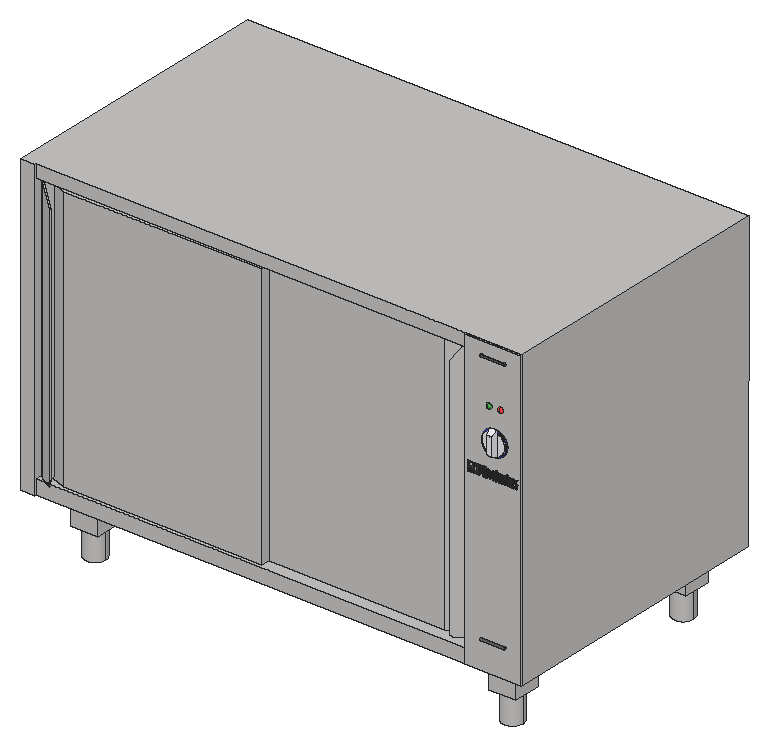
Revit family "QF_ELECTROLUXPROFESSIONAL_121906_TE2SE12", category Attrezzature speciali, Revit 2020
Family settings
  Quota connettore circolare = Usa diametro
  Tipo di parte = Normale
  Basato su piano di lavoro = No
  Sempre verticale = Sì
  Taglio con vuoti quando caricato = No
  Condiviso = No
  Punto di calcolo locali = No
Parameters (values of type "Standard")
  Weight = 83.00 kg
  Watts = 1600 W
  Volts = 230 V
  URL Manufacturer = "https://www.electroluxprofessional.com/"
  URL = "https://www.electroluxprofessional.com/"
  Steam Supply Size = 0 mm
  Steam Supply Minimum Pressure = 0.0 Pa
  Steam Supply Maximum Pressure = 0.0 Pa
  Steam Consumption per Hour = 0
  Refrigeration Suction Line Size = 0.0 mm
  Refrigeration Liquid Line Size = 0.0 mm
  Refrigerant Compressor Remote = yes
  Prospetto di default = 0.0 mm
  Phase = 1
  Modello = "TE2SE12"
  Produttore = "Electrolux Professional"
  Length Actual = 1200.0 mm  # constant formula
  Item Number = "121906"
  Hot Water Size = 0 mm
  Height Actual = 860.0 mm  # constant formula
  HP = "2.1 HP"
  Gas Size = 0 mm
  Gas KW = 0
  Gas Input Pressure = 0 W
  Direct Waste Size = 0 mm
  Descrizione = "HOT CUPBOARD WITH 2 SLIDING DOORS 1200MM"
  Depth Actual = 680.0 mm  # constant formula
  Cycle = 50 Hz
  Condensate Return Size = 0 mm
  Compressed Air Volume = 0.0 L/s
  Compressed Air Size = 0 mm
  Compressed Air Pressure = 0.0 Pa
  Cold Water Size = 0 mm
  Accessory = yes
Reference planes
  plane 1 "Center (Front/Back)": y = 0
  plane 2: z = 0
  plane 3 "Center (Left/Right)": x = -300
  plane 4 "LEFT": x = -900
  plane 5 "RIGHT": x = 300
  plane 6 "BACK": y = 340
  plane 7 "FRONT": y = -340
  plane 8 "Base": z = 860
  plane 9 "TOP": z = 900
  plane 10: x = -800
  plane 11: x = 200
  plane 12: y = 270
  plane 13: y = -240
  plane 14 "FEET": z = 150
  plane 15: x = -866
  plane 16: y = -337
  plane 17: y = 310
  plane 18: x = 166
  plane 19 "EIy": x = 268
  plane 20 "EIx": y = -90
Forms (mm)
  Extrusion 1, solid, material "QF_Finishes_Stainless Steel"
    sketch origin (0, 0, 150) x (-1, 0, 0) y (0, -1, 0)
      loop
        line (900, -340) -> (900, 340) -> (866, 340) -> (866, -340) -> (900, -340)
      loop
        line (-166, -340) -> (-166, 337) -> (-300, 337) -> (-300, -340) -> (-166, -340)
    from 0 to 710
  Extrusion 2, solid, material "QF_Finishes_Stainless Steel"
    sketch origin (0, 0, 150) x (-1, 0, 0) y (0, -1, 0)
      loop
        line (866, -310) -> (866, 337) -> (-166, 337) -> (-166, -310) -> (866, -310)
    from 0 to 35
  Extrusion 3, solid, material "QF_Finishes_Stainless Steel"
    sketch origin (0, 0, 0) x (1, 0, 0) y (0, 1, 0)
      loop
        line (-866, -337) -> (166, -337) -> (166, 340) -> (-866, 340) -> (-866, -337)
    from 830 to 860
  Extrusion 4, solid, material "QF_Finishes_Stainless Steel"
    sketch origin (0, 0, 150) x (-1, 0, 0) y (0, -1, 0)
      loop
        line (866, -340) -> (866, -310) -> (-166, -310) -> (-166, -340) -> (866, -340)
    from 680 to 0
  Extrusion 5, solid, material "QF_Finishes_Stainless Steel"
    sketch origin (0, -340, 0) x (-1, 0, 0) y (0, 0, 1)
      loop
        line (301, 185) -> (301, 187) -> (299, 187) -> (299, 185) -> (301, 185)
    from 45 to 43
  Extrusion 6, solid, material "QF_Finishes_Stainless Steel"
    sketch origin (0, 0, 150) x (-1, 0, 0) y (0, -1, 0)
      loop
        circle (-268, 90) r 10
    from 0 to -5
  Extrusion 7, solid, material "QF_Finishes_Stainless Steel"
    sketch origin (0, 0, 150) x (-1, 0, 0) y (0, -1, 0)
      loop
        line (376.5, 317) -> (-98, 317) -> (-133, 302) -> (-163, 302) -> (-163, 297) -> (376.5, 297) -> (376.5, 317)
    from 675 to 40
  Extrusion 8, solid, material "QF_Finishes_Stainless Steel"
    sketch origin (0, 0, 150) x (-1, 0, 0) y (0, -1, 0)
      loop
        line (-121, 331) -> (-149, 316) -> (-163, 302) -> (-160.172, 302) -> (-147.795, 314.377) -> (-120.056, 329.237) -> (-121, 331)
    from 675 to 40
  Extrusion 9, solid, material "QF_Finishes_Stainless Steel"
    sketch origin (0, 0, 150) x (-1, 0, 0) y (0, -1, 0)
      loop
        line (323.481, 337) -> (323.481, 317) -> (863, 317) -> (863, 322) -> (833, 322) -> (798, 337) -> (323.481, 337)
    from 675 to 40
  Extrusion 10, solid, material "QF_Finishes_Stainless Steel"
    sketch origin (0, 0, 150) x (-1, 0, 0) y (0, -1, 0)
      loop
        line (821, 351) -> (820.056, 349.237) -> (847.795, 334.377) -> (860.172, 322) -> (863, 322) -> (849, 336) -> (821, 351)
    from 675 to 40
  Extrusion 11, void
    sketch origin (-318.5, -342.5, 2438.308) x (-1, 0, 0) y (0, 0, 1)
      loop
        line (497, -1610) -> (497, -1661.75) -> (531.5, -1610) -> (497, -1610)
      loop
        line (501.556, -2245) -> (511.556, -2245)
        arc (511.556, -2245) -> (504.484, -2242.071) -> (501.556, -2235) r 10
        line (501.556, -2235) -> (501.556, -2245)
    from -13.118 to 9.689
  Extrusion 12, void
    sketch origin (-481.5, -342.5, 2430) x (1, 0, 0) y (0, 0, -1)
      loop
        line (597, 1605) -> (631.5, 1605) -> (597, 1656.75) -> (597, 1605)
      loop
        line (601.556, 2240) -> (601.556, 2230)
        arc (601.556, 2230) -> (604.484, 2237.071) -> (611.556, 2240) r 10
        line (611.556, 2240) -> (601.556, 2240)
    from 5.5 to 29.918
Cuts and joins
  joined: Extrusion 1, Extrusion 3, Extrusion 4
  Extrusion 11 cuts Extrusion 10
  Extrusion 12 cuts Extrusion 8
Lines and regions (mm)
  symbolic lines, style "SpecialityEquipmentHiddenLines"
    curve 1: line (300, 340, 900) -> (-900, 340, 900)
    curve 2: line (300, -340, 900) -> (300, 340, 900)
    curve 3: line (-900, -344.5, 150) -> (-900, 340, 150)
    curve 4: line (-900, -340, 150) -> (-866, -340, 150)
    curve 5: line (-866, -340, 150) -> (-866, -337, 150)
    curve 6: line (-866, -337, 150) -> (166, -337, 150)
    curve 7: line (166, -337, 150) -> (166, -340, 150)
    curve 8: line (166, -340, 150) -> (300, -340, 150)
    curve 9: line (168, -340, 1600) -> (168, -337, 1600)
    curve 11: line (-868, -337, 1600) -> (-868, -340, 1600)
    curve 12: line (166, -297, 200) -> (-376.5, -297, 200)
    curve 13: line (-376.5, -297, 200) -> (-376.5, -317, 200)
    curve 14: line (99, -317, 200) -> (-863, -317, 200)
    curve 18: line (-323.5, -317, 200) -> (-323.5, -337, 200)
    curve 19: line (98, -317, 1600) -> (133, -302, 1600)
    curve 20: line (133, -302, 1600) -> (163, -302, 1600)
    curve 21: line (163, -302, 1600) -> (163, -297, 1600)
    curve 22: line (120.958, -331.023, 1600) -> (148.999, -316.001, 1600)
    curve 23: line (148.999, -316.001, 1600) -> (163, -302, 1600)
    curve 24: line (160.172, -302, 1600) -> (147.795, -314.377, 1600)
    curve 25: line (147.795, -314.377, 1600) -> (119.992, -329.271, 1600)
    curve 26: line (119.992, -329.271, 1600) -> (120.958, -331.023, 1600)
    curve 27: line (-863, -317, 1600) -> (-863, -322, 1600)
    curve 28: line (-863, -322, 1600) -> (-849, -336, 1600)
    curve 29: line (-849, -336, 1600) -> (-847.133, -337, 1600)
    curve 30: line (-842.884, -337, 1600) -> (-847.955, -334.283, 1600)
    curve 31: line (-847.955, -334.283, 1600) -> (-860.239, -322, 1600)
    curve 32: line (-798, -337, 1600) -> (-833, -322, 1600)
    curve 33: line (-833, -322, 1600) -> (-863, -322, 1600)
  symbolic lines, style "SpecialityEquipment"
    curve 10: line (168, -337, 1600) -> (-868, -337, 1600)
    curve 15: line (-847.133, -337, 1600) -> (-820.985, -351.008, 1600)
    curve 16: line (-820.985, -351.008, 1600) -> (-820.038, -349.239, 1600)
    curve 17: line (-842.884, -337, 1600) -> (-820.038, -349.239, 1600)
Dimensions and locks
  plane 4 "LEFT" to plane 5 "RIGHT" = 1200.0 mm
  equal spacing: plane 4 "LEFT", plane 3 "Center (Left/Right)", plane 5 "RIGHT"
  plane 6 "BACK" to plane 7 "FRONT" = 680.0 mm
  equal spacing: plane 6 "BACK", plane 1 "Center (Front/Back)", plane 7 "FRONT"
  locked: plane 14 "FEET" to level at 150
  locked: plane 4 "LEFT" to plane 10 at 100
  locked: plane 11 to plane 5 "RIGHT" at 100
  locked: plane 4 "LEFT" to plane 15 at 34
  plane 16 to plane 7 "FRONT" = 3.0 mm
  plane 6 "BACK" to plane 17 = 30.0 mm
  locked: plane 6 "BACK" to plane 12 at 70
  locked: plane 13 to plane 7 "FRONT" at 100
  locked: plane 8 "Base" to level at 860
  locked: plane 9 "TOP" to level at 900
  locked: plane 18 to plane 5 "RIGHT" at 134
  locked: plane 19 "EIy" to plane 5 "RIGHT" at 32
  locked: plane 20 "EIx" to plane 7 "FRONT" at 250
  aligned and locked: level to plane 2
  aligned and locked: plane 10 to nested 1
  aligned and locked: plane 11 to nested 2
  aligned and locked: nested 4 to plane 12
  aligned and locked: plane 10 to nested 3
  aligned and locked: nested 3 to plane 12
  aligned and locked: plane 8 "Base" to Extrusion 1
  aligned and locked: plane 6 "BACK" to Extrusion 1 sketch curve
  aligned and locked: Extrusion 1 sketch curve to plane 6 "BACK"
  aligned and locked: Extrusion 1 sketch curve to plane 7 "FRONT"
  aligned and locked: plane 15 to Extrusion 1
  aligned and locked: Extrusion 2 to plane 15
  aligned and locked: plane 8 "Base" to Extrusion 3
  aligned and locked: Extrusion 2 to plane 16
  aligned and locked: Extrusion 2 to plane 17
  aligned and locked: Extrusion 3 to plane 16
  aligned and locked: plane 15 to Extrusion 4 sketch curve
  aligned and locked: Extrusion 4 sketch curve to plane 6 "BACK"
  aligned and locked: Extrusion 4 sketch curve to plane 17
  aligned and locked: Extrusion 4 to Extrusion 3
  aligned and locked: Extrusion 4 to plane 14 "FEET"
  aligned and locked: plane 6 "BACK" to Extrusion 3
  aligned and locked: nested 1 to plane 13
  aligned and locked: nested 2 to plane 13
  aligned and locked: plane 18 to Extrusion 3
  aligned and locked: Extrusion 2 sketch curve to plane 18
  aligned and locked: nested 4 to nested 2
Automatic sketch dimensions
  curve 2 to plane 5 "RIGHT" = 0.0 mm
  curve 2 to plane 7 "FRONT" = 0.0 mm
  curve 1 to plane 4 "LEFT" = 0.0 mm
  curve 1 to plane 6 "BACK" = 0.0 mm
  Extrusion 1 sketch curve to plane 5 "RIGHT" = 0.0 mm
  Extrusion 1 sketch curve to plane 16 = 0.0 mm
  Extrusion 1 sketch curve to plane 18 = 0.0 mm
  Extrusion 1 sketch curve to plane 15 = 0.0 mm
  Extrusion 1 sketch curve to plane 4 "LEFT" = 0.0 mm
  Extrusion 2 sketch curve to plane 15 = 0.0 mm
  plane 17 to Extrusion 2 sketch curve = 0.0 mm
  Extrusion 2 sketch curve to plane 16 = 0.0 mm
  curve 8 to plane 5 "RIGHT" = 0.0 mm
  curve 8 to plane 7 "FRONT" = 0.0 mm
  curve 8 to plane 18 = 0.0 mm
  curve 6 to plane 15 = 0.0 mm
  curve 3 to plane 4 "LEFT" = 0.0 mm
  curve 3 to plane 6 "BACK" = 0.0 mm
  curve 6 to plane 16 = 0.0 mm
  curve 4 to plane 7 "FRONT" = 0.0 mm
  curve 3 to plane 7 "FRONT" = 4.5 mm
  Extrusion 3 sketch curve to plane 6 "BACK" = 0.0 mm
  Extrusion 3 sketch curve to plane 15 = 0.0 mm
  Extrusion 3 sketch curve to plane 18 = 0.0 mm
  Extrusion 3 sketch curve to plane 16 = 0.0 mm
  Extrusion 4 sketch curve to plane 18 = 0.0 mm
  plane 3 "Center (Left/Right)" to Extrusion 5 sketch curve = 1.0 mm
  Extrusion 5 sketch curve to plane 3 "Center (Left/Right)" = 1.0 mm
  plane 14 "FEET" to Extrusion 5 sketch curve = 35.0 mm
  Extrusion 5 sketch curve to Extrusion 5 sketch curve = 2.0 mm
  Extrusion 6 sketch curve to plane 19 "EIy" = 0.0 mm
  Extrusion 6 sketch curve to plane 20 "EIx" = 0.0 mm
  Extrusion 7 sketch curve to plane 18 = 3.0 mm
  Extrusion 7 sketch curve to Extrusion 7 sketch curve = 30.0 mm
  Extrusion 7 sketch curve to Extrusion 7 sketch curve = 35.0 mm
  Extrusion 7 sketch curve to plane 3 "Center (Left/Right)" = 76.5 mm
  plane 16 to Extrusion 7 sketch curve = 40.0 mm
  Extrusion 7 sketch curve to Extrusion 7 sketch curve = 5.0 mm
  Extrusion 7 sketch curve to Extrusion 7 sketch curve = 20.0 mm
  Extrusion 8 sketch curve to plane 18 = 3.0 mm
  Extrusion 8 sketch curve to Extrusion 8 sketch curve = 2.828 mm
  Extrusion 8 sketch curve to plane 18 = 17.0 mm
  Extrusion 8 sketch curve to Extrusion 8 sketch curve = 1.205 mm
  plane 16 to Extrusion 8 sketch curve = 6.0 mm
  Extrusion 8 sketch curve to Extrusion 8 sketch curve = 26.795 mm
  plane 16 to Extrusion 8 sketch curve = 7.763 mm
  Extrusion 8 sketch curve to Extrusion 8 sketch curve = 0.944 mm
  Extrusion 8 sketch curve to Extrusion 8 sketch curve = 12.377 mm
  Extrusion 9 sketch curve to plane 16 = 0.0 mm
  Extrusion 9 sketch curve to plane 3 "Center (Left/Right)" = 23.481 mm
  plane 10 to Extrusion 9 sketch curve = 2.0 mm
  plane 16 to Extrusion 9 sketch curve = 15.0 mm
  Extrusion 9 sketch curve to plane 10 = 33.0 mm
  plane 15 to Extrusion 9 sketch curve = 3.0 mm
  Extrusion 9 sketch curve to Extrusion 9 sketch curve = 20.0 mm
  Extrusion 10 sketch curve to plane 10 = 20.056 mm
  Extrusion 10 sketch curve to plane 7 "FRONT" = 11.0 mm
  Extrusion 10 sketch curve to Extrusion 10 sketch curve = 0.944 mm
  plane 16 to Extrusion 10 sketch curve = 2.623 mm
  plane 15 to Extrusion 10 sketch curve = 18.205 mm
  plane 16 to Extrusion 10 sketch curve = 1.0 mm
  plane 15 to Extrusion 10 sketch curve = 5.828 mm
  Extrusion 10 sketch curve to Extrusion 10 sketch curve = 2.828 mm
  plane 16 to Extrusion 10 sketch curve = 15.0 mm
  curve 9 to plane 16 = 0.0 mm
  curve 9 to plane 7 "FRONT" = 0.0 mm
  curve 11 to plane 7 "FRONT" = 0.0 mm
  plane 18 to curve 9 = 2.0 mm
  curve 23 to plane 18 = 3.0 mm
  curve 23 to plane 18 = 17.001 mm
  curve 22 to curve 25 = 1.204 mm
  curve 24 to curve 19 = 14.795 mm
  plane 16 to curve 22 = 5.977 mm
  curve 19 to curve 22 = 12.042 mm
  plane 16 to curve 25 = 7.729 mm
  curve 22 to curve 25 = 0.966 mm
  curve 16 to plane 7 "FRONT" = 9.239 mm
  curve 16 to plane 10 = 20.038 mm
  curve 16 to plane 7 "FRONT" = 11.008 mm
  curve 16 to curve 16 = 0.948 mm
  curve 33 to curve 17 = 9.884 mm
  plane 16 to curve 30 = 2.717 mm
  curve 15 to curve 30 = 0.822 mm
  plane 16 to curve 29 = 1.0 mm
  curve 30 to curve 29 = 1.045 mm
  plane 15 to curve 33 = 3.0 mm
  curve 11 to plane 15 = 2.0 mm
  plane 16 to curve 33 = 15.0 mm
  plane 16 to curve 23 = 20.999 mm
  curve 25 to curve 22 = 1.624 mm
  curve 19 to curve 24 = 12.377 mm
  curve 20 to curve 24 = 2.828 mm
  plane 16 to curve 19 = 20.0 mm
  curve 25 to curve 19 = 21.992 mm
  plane 10 to curve 32 = 2.0 mm
  curve 30 to curve 17 = 0.0 mm
  curve 29 to curve 15 = 0.0 mm
  curve 31 to curve 27 = 2.761 mm
  curve 27 to curve 27 = 5.0 mm
  curve 21 to curve 20 = 5.0 mm
  curve 12 to plane 18 = 0.0 mm
  curve 18 to plane 16 = 0.0 mm
  curve 13 to plane 3 "Center (Left/Right)" = 76.5 mm
  plane 16 to curve 13 = 40.0 mm
  plane 16 to curve 14 = 20.0 mm
  curve 14 to plane 18 = 67.0 mm
  curve 18 to plane 3 "Center (Left/Right)" = 23.5 mm
  plane 15 to curve 14 = 3.0 mm
  Extrusion 11 sketch curve to plane 10 = 15.5 mm
  Extrusion 11 sketch curve to plane 10 = 20.056 mm
  Extrusion 11 sketch curve to Extrusion 11 sketch curve = 10.0 mm
  plane 15 to Extrusion 11 sketch curve = 16.0 mm
  plane 14 "FEET" to Extrusion 11 sketch curve = 43.308 mm
  Extrusion 11 sketch curve to plane 8 "Base" = 83.442 mm
  Extrusion 11 sketch curve to plane 8 "Base" = 31.692 mm
  Extrusion 12 sketch curve to plane 18 = 50.5 mm
  Extrusion 12 sketch curve to plane 18 = 45.944 mm
  Extrusion 12 sketch curve to Extrusion 12 sketch curve = 10.0 mm
  Extrusion 12 sketch curve to plane 18 = 16.0 mm
  Extrusion 12 sketch curve to plane 8 "Base" = 35.0 mm
  Extrusion 12 sketch curve to Extrusion 12 sketch curve = 51.75 mm
  plane 14 "FEET" to Extrusion 12 sketch curve = 50.0 mm
  radius of Extrusion 6 sketch curve = 10.0 mm
Nested families
  nested 1: "FEET_L65-150" at (-800, -240, 0), type "FEET_L65-150"
  nested 2: "FEET_L65-150" at (200, -240, 0), type "FEET_L65-150"
  nested 3: "FEET_L65-150" at (-800, 270, 0), type "FEET_L65-150"
  nested 4: "FEET_L65-150" at (200, 270, 0), type "FEET_L65-150"
  nested 5: "PANEL_ELX_HOTCUP_134" at (196.958, -337, 150) x (1, 0, 0) z (0, -1, 0), type "PANEL_ELX_HOTCUP_134"
    with Width 134.0 mm, Show Clearance yes
Connectors
  electrical at (268, -90, 145), driven by "Volts"
    settings: on Extrusion 6, index 1, voltage 230 V, apparent load 0 VA, apparent load phase1 0 VA, apparent load phase2 0 VA, apparent load phase3 0 VA, power factor 1, load classification "Other", number of poles 1, system type 30, power factor state 1, is connector primary yes, connector utility no, sub classification motor no, connector description "Electrical Connection"
Definition of nested family "FEET_L65-150"
  Parameters
    Default Elevation = 0.0 mm
    FEET = 150.0 mm
  Reference planes
    plane 1 "Center (Front/Back)": y = 0
    plane 2: z = 0
    plane 3 "Center (Left/Right)": x = 0
    plane 4: z = 150
  Forms (mm)
    Extrusion 1, solid
      sketch origin (0, 0, 0) x (1, 0, 0) y (0, 1, 0)
        loop
          circle (0, 0) r 25
      from 0 to 67
    Extrusion 2, solid
      sketch origin (0, 0, 0) x (1, 0, 0) y (0, 1, 0)
        loop
          line (32.561, 32.5) -> (-32.439, 32.5) -> (-32.439, -32.5) -> (32.561, -32.5) -> (32.561, 32.5)
      from 67 to 150 <- "FEET"
  Lines and regions (mm)
    symbolic lines
      curve 1: line (0, -1.503, 0) -> (0, 1.508, 0)
      curve 2: line (1.561, 0, 0) -> (-1.439, 0, 0)
  Dimensions and locks
    "FEET": plane 4 to plane 2
    aligned and locked: level to plane 2
  Automatic sketch dimensions
    plane 1 "Center (Front/Back)" to Extrusion 1 sketch curve = 0.0 mm
    Extrusion 1 sketch curve to plane 3 "Center (Left/Right)" = 0.0 mm
    plane 1 "Center (Front/Back)" to curve 2 = 0.0 mm
    curve 1 to plane 3 "Center (Left/Right)" = 0.0 mm
    curve 2 to plane 3 "Center (Left/Right)" = 1.439 mm
    plane 3 "Center (Left/Right)" to curve 2 = 1.561 mm
    plane 1 "Center (Front/Back)" to curve 1 = 1.503 mm
    curve 1 to plane 1 "Center (Front/Back)" = 1.508 mm
    Extrusion 2 sketch curve to plane 1 "Center (Front/Back)" = 32.5 mm
    Extrusion 2 sketch curve to plane 3 "Center (Left/Right)" = 32.439 mm
    plane 3 "Center (Left/Right)" to Extrusion 2 sketch curve = 32.561 mm
    plane 1 "Center (Front/Back)" to Extrusion 2 sketch curve = 32.5 mm
    radius of Extrusion 1 sketch curve = 25.0 mm
Definition of nested family "PANEL_ELX_HOTCUP_134"
  Parameters
    Width [instance] = 134.0 mm
    Show Clearance [instance] = yes
    Model = "727995"
    Height = 710.0 mm
    Default Elevation = 0.0 mm
  Reference planes
    plane 1 "Center (Front/Back)": y = 0
    plane 2: z = 0
    plane 3 "Center (Left/Right)": x = 36.042
    plane 4 "panel": z = 3
    plane 5 "Left": x = -30.958
    plane 6 "Right": x = 103.042
    plane 7: y = 710
    plane 8 "L1": x = 26.042
    plane 9 "L2": x = 54.042
    plane 10: y = 575
  Forms (mm)
    Extrusion 1, solid
      sketch origin (0, -919.2, 0) x (1, 0, 0) y (0, 1, 0)
        loop
          line (-980.5, 2119.2) -> (-980.5, -162.846) -> (881.94, -162.846) -> (881.94, 2119.2) -> (-980.5, 2119.2)
      from 0 to -59.546
    Extrusion 2, solid
      sketch origin (36.042, -190, 0) x (0, 1, 0) y (0, 0, 1)
        loop
          line (190, 3) -> (190, 0) -> (900, 0) -> (900, 3) -> (190, 3)
      from 67 to -67
    Extrusion 3, solid
      sketch origin (0, 0, 0) x (1, 0, 0) y (0, 1, 0)
        loop
          line (9.042, 673.5) -> (63.042, 673.5)
          arc (63.042, 673.5) -> (66.042, 676.5) -> (63.042, 679.5) r 3
          line (63.042, 679.5) -> (9.042, 679.5)
          arc (9.042, 679.5) -> (6.042, 676.5) -> (9.042, 673.5) r 3
        loop
          line (9.042, 65) -> (63.042, 65)
          arc (63.042, 65) -> (66.042, 68) -> (63.042, 71) r 3
          line (63.042, 71) -> (9.042, 71)
          arc (9.042, 71) -> (6.042, 68) -> (9.042, 65) r 3
      from 3 to 4.6
    Extrusion 4, solid
      sketch origin (0, 0, 0) x (1, 0, 0) y (0, 1, 0)
        loop
          circle (40.042, 500) r 30
      from 0 to 5
    Extrusion 5, solid
      sketch origin (0, 0, 0) x (1, 0, 0) y (0, 1, 0)
        loop
          circle (40.042, 500) r 26.788
      from 7 to 5
    Blend 6, solid
      base sketch origin (0, 0, 0) x (1, 0, 0) y (0, 1, 0)
        loop
          arc (48.106, 530.45) -> (40.022, 531.5) -> (31.94, 530.44) r 31.5
          line (31.94, 530.44) -> (31.94, 474.458)
          arc (31.94, 474.458) -> (40.023, 473.209) -> (48.106, 474.454) r 26.815
          line (48.106, 474.454) -> (48.106, 530.45)
      top sketch origin (0, 0, 0) x (1, 0, 0) y (0, 1, 0)
        loop
          arc (47.007, 520.889) -> (40.042, 522.019) -> (33.077, 520.889) r 22.019
          line (33.077, 520.889) -> (33.077, 480.699)
          arc (33.077, 480.699) -> (40.042, 479.481) -> (47.007, 480.699) r 20.519
          line (47.007, 480.699) -> (47.007, 520.889)
      from 7 to 20
    Revolve 7, solid
      sketch origin (26.042, 0, 0) x (0, 1, 0) y (0, 0, 1)
        loop
          line (575, 3) -> (581, 3)
          arc (581, 3) -> (578.606, 5.908) -> (575, 7) r 6.5
          line (575, 7) -> (575, 3)
        axis (575, 7) -> (575, 3)
      angle from 0 to 360
    Revolve 8, solid
      sketch origin (54.042, 0, 0) x (0, 1, 0) y (0, 0, 1)
        loop
          line (575, 3) -> (581, 3)
          arc (581, 3) -> (578.606, 5.908) -> (575, 7) r 6.5
          line (575, 7) -> (575, 3)
        axis (575, 7) -> (575, 3)
      angle from 0 to 360
  Dimensions and locks
    plane 4 "panel" to level = 3.0 mm
    "Width": plane 5 "Left" to plane 6 "Right"
    equal spacing: plane 5 "Left", plane 3 "Center (Left/Right)", plane 6 "Right"
    "Height": plane 1 "Center (Front/Back)" to plane 7
    aligned and locked: plane 2 to Extrusion 1
    aligned and locked: level to Extrusion 1
    aligned and locked: plane 7 to Extrusion 2
    aligned and locked: plane 6 "Right" to Extrusion 2
    aligned and locked: Extrusion 2 to plane 5 "Left"
    aligned and locked: plane 1 "Center (Front/Back)" to Extrusion 2
  Automatic sketch dimensions
    Extrusion 1 sketch curve to Extrusion 1 sketch curve = 1862.44 mm
    Extrusion 1 sketch curve to Extrusion 1 sketch curve = 2282.046 mm
    Extrusion 2 sketch curve to plane 1 "Center (Front/Back)" = 0.0 mm
    Extrusion 2 sketch curve to level = 0.0 mm
    Extrusion 2 sketch curve to plane 7 = 0.0 mm
    Extrusion 2 sketch curve to plane 4 "panel" = 0.0 mm
    Extrusion 3 sketch curve to plane 8 "L1" = 17.0 mm  (x2)
    plane 9 "L2" to Extrusion 3 sketch curve = 9.0 mm  (x2)
    Extrusion 3 sketch curve to plane 1 "Center (Front/Back)" = 65.0 mm
    Extrusion 3 sketch curve to Extrusion 3 sketch curve = 3.0 mm  (x2)
    Extrusion 3 sketch curve to plane 7 = 36.5 mm
    plane 3 "Center (Left/Right)" to Extrusion 4 sketch curve = 4.0 mm
    Extrusion 4 sketch curve to plane 10 = 75.0 mm
    plane 3 "Center (Left/Right)" to Extrusion 5 sketch curve = 4.0 mm
    Extrusion 5 sketch curve to plane 10 = 75.0 mm
    Blend 6 sketch curve to plane 3 "Center (Left/Right)" = 4.102 mm
    plane 3 "Center (Left/Right)" to Blend 6 sketch curve = 3.988 mm
    Blend 6 sketch curve to Blend 6 sketch curve = 0.012 mm
    Blend 6 sketch curve to plane 9 "L2" = 5.936 mm
    Blend 6 sketch curve to plane 10 = 100.546 mm
    Blend 6 sketch curve to Blend 6 sketch curve = 0.004 mm
    Blend 6 sketch curve to Blend 6 sketch curve = 0.024 mm
    Blend 6 sketch curve to Blend 6 sketch curve = 30.416 mm
    Blend 6 sketch curve to Blend 6 sketch curve = 0.0 mm  (x2)
    Blend 6 sketch curve to plane 3 "Center (Left/Right)" = 2.965 mm
    plane 3 "Center (Left/Right)" to Blend 6 sketch curve = 4.0 mm
    Blend 6 sketch curve to plane 9 "L2" = 7.035 mm
    Blend 6 sketch curve to plane 10 = 94.301 mm
    Blend 6 sketch curve to Blend 6 sketch curve = 19.301 mm
    Blend 6 sketch curve to Blend 6 sketch curve = 20.889 mm
    Revolve 7 sketch curve to plane 4 "panel" = 0.0 mm
    Revolve 7 sketch curve to plane 10 = 0.0 mm  (x2)
    plane 10 to Revolve 7 sketch curve = 6.0 mm
    level to Revolve 7 sketch curve = 0.5 mm
    Revolve 7 sketch curve to Revolve 7 sketch curve = 0.57 mm
    Revolve 7 sketch curve to Revolve 7 sketch curve = 2.941 mm
    Revolve 8 sketch curve to plane 4 "panel" = 0.0 mm
    Revolve 8 sketch curve to plane 10 = 0.0 mm  (x2)
    plane 10 to Revolve 8 sketch curve = 6.0 mm
    level to Revolve 8 sketch curve = 0.5 mm
    Revolve 8 sketch curve to Revolve 8 sketch curve = 0.57 mm
    Revolve 8 sketch curve to Revolve 8 sketch curve = 2.941 mm
    radius of Extrusion 4 sketch curve = 30.0 mm
    radius of Extrusion 5 sketch curve = 26.788 mm
  Nested families
    nested 1: "ELX_Professional_Logo_Small" at (36.042, 430.35, 3), type "ELX_Professional_Logo_Small"
      with Show Logo yes, Material_Logo none
  Definition of nested family "ELX_Professional_Logo_Small"
    Parameters
      Show Logo [instance] = yes
      Material_Logo [instance] = none
      Default Elevation = 0.0 mm
    Reference planes
      plane 1 "Centro (Fronte/Retro)": y = 0
      plane 2: z = 0
      plane 3 "Centro (Sinistra/Destra)": x = 0
    Forms (mm)
      Extrusion 1, solid
        sketch origin (0, 0, 0) x (1, 0, 0) y (0, 1, 0)
          loop
            line (-1219.2, 1219.2) -> (-1219.2, -1219.2) -> (1219.2, -1219.2) -> (1219.2, 1219.2) -> (-1219.2, 1219.2)
        from 0 to -304.8
      Extrusion 2, solid, material <- "Material_Logo"
        sketch origin (15.5, 0, 0) x (1, 0, 0) y (0, 1, 0)
          loop
            spline (-42.99, -1.24) -> (-43.195, -1.231) -> (-43.415, -1.203) -> (-43.642, -1.152) -> (-43.87, -1.074) -> (-44.095, -0.966) -> (-44.309, -0.825) -> (-44.506, -0.647) -> (-44.681, -0.429) -> (-44.828, -0.167) -> (-44.94, 0.142) -> (-45.011, 0.501) -> (-45.037, 0.915)
            line (-45.037, 0.915) -> (-45.037, 2.748) -> (-38.984, 2.748) -> (-38.984, 5.086) -> (-45.038, 5.086) -> (-45.038, 8.489) -> (-38.599, 8.489) -> (-38.599, 10.82) -> (-47.515, 10.82) -> (-47.515, 1.021)
            spline (-47.515, 1.021) -> (-47.493, 0.418) -> (-47.425, -0.15) -> (-47.311, -0.682) -> (-47.15, -1.175) -> (-46.939, -1.628) -> (-46.678, -2.038) -> (-46.365, -2.404) -> (-46, -2.723) -> (-45.58, -2.995) -> (-45.105, -3.216) -> (-44.573, -3.385) -> (-43.983, -3.499)
            line (-43.983, -3.499) -> (-43.01, -3.569) -> (-38.426, -3.569) -> (-38.426, -1.24) -> (-42.99, -1.24)
          loop
            line (-36.666, 4.021) -> (-36.666, -3.573) -> (-34.188, -3.573) -> (-34.188, 10.824) -> (-36.666, 10.824) -> (-36.666, 4.021)
          loop
            spline (-21.915, 1.897) -> (-21.957, 2.615) -> (-22.082, 3.303) -> (-22.285, 3.955) -> (-22.563, 4.564) -> (-22.913, 5.124) -> (-23.331, 5.629) -> (-23.814, 6.074) -> (-24.359, 6.451) -> (-24.961, 6.755) -> (-25.618, 6.98) -> (-26.326, 7.119) -> (-27.081, 7.167)
            spline (-27.081, 7.167) -> (-27.853, 7.122) -> (-28.586, 6.99) -> (-29.275, 6.774) -> (-29.915, 6.478) -> (-30.5, 6.104) -> (-31.024, 5.657) -> (-31.483, 5.138) -> (-31.871, 4.553) -> (-32.182, 3.904) -> (-32.411, 3.194) -> (-32.552, 2.427) -> (-32.6, 1.606)
            spline (-32.6, 1.606) -> (-32.553, 0.805) -> (-32.416, 0.057) -> (-32.193, -0.637) -> (-31.887, -1.271) -> (-31.504, -1.843) -> (-31.048, -2.35) -> (-30.523, -2.788) -> (-29.934, -3.154) -> (-29.284, -3.444) -> (-28.579, -3.656) -> (-27.822, -3.785) -> (-27.019, -3.829)
            spline (-27.019, -3.829) -> (-26.627, -3.82) -> (-26.239, -3.79) -> (-25.856, -3.739) -> (-25.477, -3.663) -> (-25.103, -3.562) -> (-24.734, -3.432) -> (-24.369, -3.273) -> (-24.01, -3.082) -> (-23.655, -2.858) -> (-23.305, -2.597) -> (-22.96, -2.299) -> (-22.621, -1.962)
            line (-22.621, -1.962) -> (-24.114, -0.509)
            spline (-24.114, -0.509) -> (-24.311, -0.699) -> (-24.509, -0.872) -> (-24.71, -1.03) -> (-24.915, -1.172) -> (-25.126, -1.297) -> (-25.346, -1.407) -> (-25.576, -1.5) -> (-25.817, -1.576) -> (-26.072, -1.636) -> (-26.342, -1.678) -> (-26.629, -1.704) -> (-26.936, -1.713)
            spline (-26.936, -1.713) -> (-27.384, -1.691) -> (-27.805, -1.625) -> (-28.196, -1.518) -> (-28.556, -1.372) -> (-28.882, -1.187) -> (-29.174, -0.966) -> (-29.429, -0.71) -> (-29.645, -0.422) -> (-29.821, -0.102) -> (-29.955, 0.247) -> (-30.045, 0.623) -> (-30.089, 1.026)
            line (-30.089, 1.026) -> (-21.956, 1.026) -> (-21.915, 1.897)
          loop
            spline (-24.446, 2.769) -> (-24.47, 3.075) -> (-24.54, 3.37) -> (-24.654, 3.65) -> (-24.807, 3.913) -> (-24.996, 4.156) -> (-25.219, 4.376) -> (-25.472, 4.57) -> (-25.753, 4.736) -> (-26.057, 4.869) -> (-26.382, 4.968) -> (-26.724, 5.03) -> (-27.081, 5.051)
            spline (-27.081, 5.051) -> (-27.464, 5.03) -> (-27.832, 4.97) -> (-28.183, 4.872) -> (-28.513, 4.74) -> (-28.819, 4.577) -> (-29.099, 4.384) -> (-29.347, 4.165) -> (-29.563, 3.923) -> (-29.742, 3.659) -> (-29.881, 3.377) -> (-29.977, 3.079) -> (-30.027, 2.769)
            line (-30.027, 2.769) -> (-24.446, 2.769)
          loop
            spline (-18.167, 1.669) -> (-18.138, 2.13) -> (-18.055, 2.567) -> (-17.921, 2.978) -> (-17.739, 3.358) -> (-17.512, 3.705) -> (-17.243, 4.016) -> (-16.937, 4.287) -> (-16.596, 4.517) -> (-16.223, 4.7) -> (-15.823, 4.835) -> (-15.398, 4.919) -> (-14.951, 4.947)
            spline (-14.951, 4.947) -> (-14.677, 4.938) -> (-14.414, 4.913) -> (-14.162, 4.871) -> (-13.921, 4.812) -> (-13.69, 4.738) -> (-13.467, 4.649) -> (-13.254, 4.544) -> (-13.048, 4.424) -> (-12.85, 4.291) -> (-12.659, 4.143) -> (-12.474, 3.981) -> (-12.295, 3.806)
            line (-12.295, 3.806) -> (-10.76, 5.403)
            spline (-10.76, 5.403) -> (-11.065, 5.709) -> (-11.38, 5.984) -> (-11.703, 6.228) -> (-12.035, 6.443) -> (-12.375, 6.63) -> (-12.723, 6.788) -> (-13.078, 6.92) -> (-13.44, 7.026) -> (-13.809, 7.107) -> (-14.184, 7.164) -> (-14.564, 7.198) -> (-14.951, 7.209)
            spline (-14.951, 7.209) -> (-15.725, 7.161) -> (-16.467, 7.02) -> (-17.169, 6.792) -> (-17.826, 6.482) -> (-18.43, 6.096) -> (-18.976, 5.637) -> (-19.455, 5.112) -> (-19.862, 4.525) -> (-20.19, 3.882) -> (-20.433, 3.189) -> (-20.584, 2.449) -> (-20.635, 1.669)
            spline (-20.635, 1.669) -> (-20.584, 0.889) -> (-20.433, 0.149) -> (-20.19, -0.545) -> (-19.862, -1.187) -> (-19.455, -1.774) -> (-18.976, -2.299) -> (-18.43, -2.758) -> (-17.826, -3.145) -> (-17.169, -3.454) -> (-16.467, -3.682) -> (-15.725, -3.823) -> (-14.951, -3.871)
            spline (-14.951, -3.871) -> (-14.564, -3.86) -> (-14.184, -3.826) -> (-13.809, -3.77) -> (-13.44, -3.689) -> (-13.078, -3.583) -> (-12.723, -3.451) -> (-12.375, -3.292) -> (-12.035, -3.105) -> (-11.703, -2.89) -> (-11.38, -2.646) -> (-11.065, -2.371) -> (-10.76, -2.066)
            line (-10.76, -2.066) -> (-12.295, -0.468)
            spline (-12.295, -0.468) -> (-12.474, -0.643) -> (-12.659, -0.805) -> (-12.85, -0.953) -> (-13.048, -1.087) -> (-13.254, -1.206) -> (-13.467, -1.311) -> (-13.69, -1.4) -> (-13.921, -1.475) -> (-14.162, -1.533) -> (-14.414, -1.575) -> (-14.677, -1.6) -> (-14.951, -1.609)
            spline (-14.951, -1.609) -> (-15.398, -1.581) -> (-15.823, -1.497) -> (-16.223, -1.362) -> (-16.596, -1.179) -> (-16.937, -0.95) -> (-17.243, -0.678) -> (-17.512, -0.367) -> (-17.739, -0.02) -> (-17.921, 0.36) -> (-18.055, 0.771) -> (-18.138, 1.208) -> (-18.167, 1.669)
          loop
            spline (-4.441, -1.243) -> (-4.659, -1.247) -> (-4.894, -1.23) -> (-5.137, -1.19) -> (-5.384, -1.121) -> (-5.628, -1.021) -> (-5.864, -0.884) -> (-6.084, -0.708) -> (-6.283, -0.488) -> (-6.454, -0.219) -> (-6.592, 0.101) -> (-6.69, 0.478) -> (-6.742, 0.914)
            line (-6.742, 0.914) -> (-6.742, 4.587) -> (-4.487, 4.587) -> (-4.487, 6.838) -> (-6.738, 6.838) -> (-6.738, 10.824) -> (-9.217, 10.824) -> (-9.217, 0.773)
            spline (-9.217, 0.773) -> (-9.164, 0.19) -> (-9.068, -0.358) -> (-8.928, -0.87) -> (-8.742, -1.343) -> (-8.511, -1.777) -> (-8.232, -2.168) -> (-7.904, -2.515) -> (-7.527, -2.816) -> (-7.098, -3.069) -> (-6.618, -3.273) -> (-6.084, -3.426) -> (-5.496, -3.525)
            line (-5.496, -3.525) -> (-4.45, -3.573) -> (-4.441, -1.243)
          loop
            spline (3.898, 6.983) -> (3.469, 7.009) -> (3.056, 7.001) -> (2.661, 6.961) -> (2.283, 6.888) -> (1.925, 6.785) -> (1.588, 6.652) -> (1.272, 6.49) -> (0.979, 6.301) -> (0.71, 6.085) -> (0.465, 5.844) -> (0.247, 5.578) -> (0.056, 5.289)
            line (0.056, 5.289) -> (0.056, 6.838) -> (-2.402, 6.838) -> (-2.402, -3.572) -> (0.056, -3.572) -> (0.056, 1.901)
            spline (0.056, 1.901) -> (0.079, 2.316) -> (0.145, 2.703) -> (0.254, 3.06) -> (0.404, 3.386) -> (0.592, 3.679) -> (0.818, 3.938) -> (1.08, 4.162) -> (1.375, 4.348) -> (1.703, 4.495) -> (2.062, 4.602) -> (2.45, 4.668) -> (2.865, 4.69)
            line (2.865, 4.69) -> (3.898, 4.586) -> (3.898, 6.983)
          loop
            spline (15.638, 1.633) -> (15.586, 2.396) -> (15.435, 3.124) -> (15.192, 3.81) -> (14.863, 4.449) -> (14.455, 5.034) -> (13.975, 5.56) -> (13.43, 6.021) -> (12.826, 6.411) -> (12.17, 6.724) -> (11.469, 6.955) -> (10.729, 7.098) -> (9.958, 7.147)
            spline (9.958, 7.147) -> (9.182, 7.098) -> (8.44, 6.955) -> (7.737, 6.724) -> (7.081, 6.411) -> (6.477, 6.021) -> (5.933, 5.56) -> (5.454, 5.034) -> (5.048, 4.449) -> (4.721, 3.81) -> (4.479, 3.124) -> (4.329, 2.396) -> (4.277, 1.633)
            spline (4.277, 1.633) -> (4.329, 0.869) -> (4.479, 0.141) -> (4.721, -0.544) -> (5.048, -1.183) -> (5.454, -1.768) -> (5.933, -2.294) -> (6.477, -2.755) -> (7.081, -3.145) -> (7.737, -3.459) -> (8.44, -3.69) -> (9.182, -3.833) -> (9.958, -3.882)
            spline (9.958, -3.882) -> (10.729, -3.833) -> (11.469, -3.69) -> (12.17, -3.459) -> (12.826, -3.145) -> (13.43, -2.755) -> (13.975, -2.294) -> (14.455, -1.768) -> (14.863, -1.183) -> (15.192, -0.544) -> (15.435, 0.141) -> (15.586, 0.869) -> (15.638, 1.633)
          loop
            spline (13.18, 1.633) -> (13.151, 2.083) -> (13.067, 2.513) -> (12.932, 2.918) -> (12.748, 3.296) -> (12.52, 3.642) -> (12.251, 3.954) -> (11.943, 4.227) -> (11.601, 4.459) -> (11.228, 4.645) -> (10.828, 4.782) -> (10.403, 4.867) -> (9.958, 4.896)
            spline (9.958, 4.896) -> (9.509, 4.867) -> (9.081, 4.782) -> (8.679, 4.645) -> (8.306, 4.459) -> (7.964, 4.227) -> (7.658, 3.954) -> (7.39, 3.642) -> (7.163, 3.296) -> (6.981, 2.918) -> (6.847, 2.513) -> (6.765, 2.083) -> (6.736, 1.633)
            spline (6.736, 1.633) -> (6.765, 1.182) -> (6.847, 0.753) -> (6.981, 0.347) -> (7.163, -0.031) -> (7.39, -0.377) -> (7.658, -0.689) -> (7.964, -0.962) -> (8.306, -1.193) -> (8.679, -1.38) -> (9.081, -1.517) -> (9.509, -1.602) -> (9.958, -1.631)
            spline (9.958, -1.631) -> (10.403, -1.602) -> (10.828, -1.517) -> (11.228, -1.38) -> (11.601, -1.193) -> (11.943, -0.962) -> (12.251, -0.689) -> (12.52, -0.377) -> (12.748, -0.031) -> (12.932, 0.347) -> (13.067, 0.753) -> (13.151, 1.182) -> (13.18, 1.633)
          loop
            line (17.162, 4.269) -> (17.162, -3.573) -> (19.642, -3.573) -> (19.642, 10.824) -> (17.162, 10.824) -> (17.162, 4.269)
          loop
            line (28.581, 6.838) -> (28.581, 0.786)
            spline (28.581, 0.786) -> (28.561, 0.393) -> (28.503, 0.038) -> (28.409, -0.279) -> (28.281, -0.559) -> (28.122, -0.802) -> (27.933, -1.011) -> (27.717, -1.185) -> (27.476, -1.325) -> (27.213, -1.433) -> (26.929, -1.509) -> (26.626, -1.554) -> (26.308, -1.569)
            spline (26.308, -1.569) -> (25.99, -1.554) -> (25.688, -1.509) -> (25.404, -1.434) -> (25.141, -1.326) -> (24.9, -1.187) -> (24.684, -1.014) -> (24.496, -0.807) -> (24.336, -0.565) -> (24.209, -0.288) -> (24.115, 0.026) -> (24.057, 0.376) -> (24.037, 0.765)
            line (24.037, 0.765) -> (24.037, 6.838) -> (21.537, 6.838) -> (21.537, 0.558)
            spline (21.537, 0.558) -> (21.581, -0.153) -> (21.71, -0.8) -> (21.916, -1.384) -> (22.195, -1.904) -> (22.54, -2.362) -> (22.944, -2.757) -> (23.403, -3.09) -> (23.909, -3.362) -> (24.456, -3.572) -> (25.04, -3.722) -> (25.652, -3.811) -> (26.288, -3.841)
            spline (26.288, -3.841) -> (26.929, -3.811) -> (27.547, -3.72) -> (28.135, -3.568) -> (28.687, -3.355) -> (29.197, -3.079) -> (29.66, -2.741) -> (30.068, -2.341) -> (30.415, -1.877) -> (30.696, -1.349) -> (30.905, -0.757) -> (31.034, -0.101) -> (31.079, 0.621)
            line (31.079, 0.621) -> (31.079, 6.838) -> (28.581, 6.838)
          loop
            line (40.457, -0.243) -> (38.894, 1.942) -> (40.83, 4.579) -> (42.488, 6.837) -> (39.782, 6.837) -> (37.53, 3.719) -> (35.258, 6.837) -> (32.573, 6.837) -> (34.113, 4.731) -> (36.167, 1.922) -> (34.014, -1.076) -> (32.222, -3.573) -> (34.887, -3.573) -> (37.53, 0.104) -> (40.174, -3.573) -> (42.839, -3.573) -> (40.457, -0.243)
          loop
            line (-46.121, -5.837) -> (-48.039, -5.837) -> (-48.039, -10.814) -> (-47.016, -10.814) -> (-47.016, -9.128) -> (-46.121, -9.128)
            arc (-46.121, -9.128) -> (-44.476, -7.482) -> (-46.121, -5.837) r 1.645
          loop
            line (-46.163, -6.778) -> (-47.016, -6.778) -> (-47.016, -8.187) -> (-46.163, -8.187)
            arc (-46.163, -8.187) -> (-45.458, -7.482) -> (-46.163, -6.778) r 0.704
          loop
            line (-38.313, -5.837) -> (-40.265, -5.837) -> (-40.265, -10.814) -> (-39.241, -10.814) -> (-39.241, -9.1) -> (-38.46, -9.182) -> (-37.48, -10.814) -> (-36.318, -10.814) -> (-37.513, -8.848)
            arc (-37.513, -8.848) -> (-36.888, -8.266) -> (-36.671, -7.441) r 1.536
            arc (-36.671, -7.441) -> (-37.165, -6.305) -> (-38.313, -5.837) r 1.643
          loop
            arc (-38.402, -8.166) -> (-37.707, -7.505) -> (-38.334, -6.778) r 0.696
            line (-38.334, -6.778) -> (-39.241, -6.778) -> (-39.241, -8.166) -> (-38.402, -8.166)
          loop
            circle (-29.965, -8.325) r 2.585
          loop
            circle (-29.965, -8.325) r 1.64
          loop
            line (-23.1, -5.837) -> (-23.1, -10.814) -> (-22.076, -10.814) -> (-22.076, -8.768) -> (-20.204, -8.768) -> (-20.204, -7.828) -> (-22.076, -7.828) -> (-22.076, -6.778) -> (-20.024, -6.778) -> (-20.024, -5.837) -> (-23.1, -5.837)
          loop
            line (-15.802, -5.837) -> (-15.802, -9.2)
            arc (-15.802, -9.2) -> (-15.343, -10.34) -> (-14.209, -10.814) r 1.593
            line (-14.209, -10.814) -> (-12.602, -10.814) -> (-12.602, -10.027) -> (-14.004, -10.027)
            arc (-14.004, -10.027) -> (-14.552, -9.8) -> (-14.779, -9.252) r 0.775
            line (-14.779, -9.252) -> (-14.779, -8.424) -> (-12.789, -8.424) -> (-12.789, -7.642) -> (-14.779, -7.642) -> (-14.779, -6.778) -> (-12.651, -6.778) -> (-12.651, -5.837) -> (-15.802, -5.837)
          loop
            line (-5.909, -7.143) -> (-5.173, -6.638)
            arc (-5.173, -6.638) -> (-5.855, -5.974) -> (-6.781, -5.755) r 1.782
            arc (-6.781, -5.755) -> (-7.397, -5.878) -> (-7.944, -6.189) r 1.974
            arc (-7.944, -6.189) -> (-8.202, -6.5) -> (-8.317, -6.888) r 1.013
            arc (-8.317, -6.888) -> (-8.306, -7.341) -> (-8.192, -7.78) r 1.985
            arc (-8.192, -7.78) -> (-7.749, -8.259) -> (-7.171, -8.563) r 1.928
            arc (-7.171, -8.563) -> (-6.637, -8.779) -> (-6.131, -9.056) r 5.041
            arc (-6.131, -9.056) -> (-5.934, -9.387) -> (-6.09, -9.74) r 0.42
            arc (-6.09, -9.74) -> (-6.631, -9.96) -> (-7.204, -9.845) r 1.016
            arc (-7.204, -9.845) -> (-7.625, -9.603) -> (-7.889, -9.196) r 1.033
            line (-7.889, -9.196) -> (-8.67, -9.686)
            arc (-8.67, -9.686) -> (-8.361, -10.198) -> (-7.908, -10.589) r 1.914
            arc (-7.908, -10.589) -> (-7.334, -10.834) -> (-6.714, -10.896) r 2.063
            arc (-6.714, -10.896) -> (-5.947, -10.743) -> (-5.256, -10.376) r 2.696
            arc (-5.256, -10.376) -> (-4.95, -9.565) -> (-5.108, -8.712) r 1.618
            arc (-5.108, -8.712) -> (-5.448, -8.319) -> (-5.884, -8.035) r 1.876
            arc (-5.884, -8.035) -> (-6.434, -7.789) -> (-6.999, -7.577) r 9.883
            arc (-6.999, -7.577) -> (-7.325, -7.07) -> (-6.854, -6.694) r 0.45
            arc (-6.854, -6.694) -> (-6.329, -6.809) -> (-5.909, -7.143) r 1.197
          loop
            line (1.61, -7.143) -> (2.345, -6.638)
            arc (2.345, -6.638) -> (1.663, -5.974) -> (0.737, -5.755) r 1.782
            arc (0.737, -5.755) -> (0.121, -5.878) -> (-0.425, -6.189) r 1.974
            arc (-0.425, -6.189) -> (-0.683, -6.5) -> (-0.799, -6.888) r 1.013
            arc (-0.799, -6.888) -> (-0.788, -7.341) -> (-0.674, -7.78) r 1.985
            arc (-0.674, -7.78) -> (-0.231, -8.259) -> (0.347, -8.563) r 1.928
            arc (0.347, -8.563) -> (0.881, -8.779) -> (1.387, -9.056) r 5.041
            arc (1.387, -9.056) -> (1.584, -9.387) -> (1.428, -9.74) r 0.42
            arc (1.428, -9.74) -> (0.887, -9.96) -> (0.314, -9.845) r 1.016
            arc (0.314, -9.845) -> (-0.107, -9.603) -> (-0.371, -9.196) r 1.033
            line (-0.371, -9.196) -> (-1.152, -9.686)
            arc (-1.152, -9.686) -> (-0.842, -10.198) -> (-0.39, -10.589) r 1.914
            arc (-0.39, -10.589) -> (0.184, -10.834) -> (0.804, -10.896) r 2.063
            arc (0.804, -10.896) -> (1.572, -10.743) -> (2.263, -10.376) r 2.696
            arc (2.263, -10.376) -> (2.568, -9.565) -> (2.411, -8.712) r 1.618
            arc (2.411, -8.712) -> (2.07, -8.319) -> (1.635, -8.035) r 1.876
            arc (1.635, -8.035) -> (1.084, -7.789) -> (0.519, -7.577) r 9.883
            arc (0.519, -7.577) -> (0.193, -7.07) -> (0.665, -6.694) r 0.45
            arc (0.665, -6.694) -> (1.189, -6.809) -> (1.61, -7.143) r 1.197
          loop
            line (6.801, -5.837) -> (6.801, -10.814) -> (7.825, -10.814) -> (7.825, -5.837) -> (6.801, -5.837)
          loop
            circle (14.724, -8.325) r 1.548
          loop
            circle (14.724, -8.325) r 2.585
          loop
            line (21.59, -10.814) -> (22.623, -10.814) -> (22.623, -7.685) -> (24.9, -10.814) -> (25.895, -10.814) -> (25.895, -5.837) -> (24.861, -5.837) -> (24.861, -9.061) -> (22.585, -5.837) -> (21.59, -5.837) -> (21.59, -10.814)
          loop
            line (31.054, -10.814) -> (31.539, -9.74) -> (33.38, -9.74) -> (33.865, -10.814) -> (34.965, -10.814) -> (32.46, -5.837) -> (29.956, -10.814) -> (31.054, -10.814)
          loop
            line (32.46, -7.698) -> (31.999, -8.719) -> (32.921, -8.719) -> (32.46, -7.698)
          loop
            line (40.047, -9.873) -> (40.047, -5.837) -> (39.024, -5.837) -> (39.024, -10.814) -> (41.961, -10.814) -> (41.961, -9.873) -> (40.047, -9.873)
          loop
            line (-74.986, -10.814) -> (-53.322, -10.814) -> (-53.322, 10.82) -> (-74.986, 10.82) -> (-74.986, -10.814)
          loop
            line (-61.261, 9.758) -> (-61.261, -9.707)
            arc (-61.261, -9.707) -> (-54.066, 0.025) -> (-61.261, 9.758) r 10.18
          loop
            line (-62.251, 8.349) -> (-62.251, 9.758)
            arc (-62.251, 9.758) -> (-70.347, 7.918) -> (-74.247, 0.59) r 9.976
            line (-74.247, 0.59) -> (-71.026, 0.59)
            arc (-71.026, 0.59) -> (-65.274, 2.925) -> (-62.251, 8.349) r 9.351
          loop
            arc (-74.247, -0.539) -> (-70.353, -7.928) -> (-62.251, -9.957) r 10.237
            line (-62.251, -9.957) -> (-62.251, -8.298)
            arc (-62.251, -8.298) -> (-65.274, -2.874) -> (-71.026, -0.539) r 9.351
            line (-71.026, -0.539) -> (-74.247, -0.539)
        from 0 to 1.644
    Dimensions and locks
      aligned and locked: plane 2 to Extrusion 1
      aligned and locked: level to Extrusion 1
